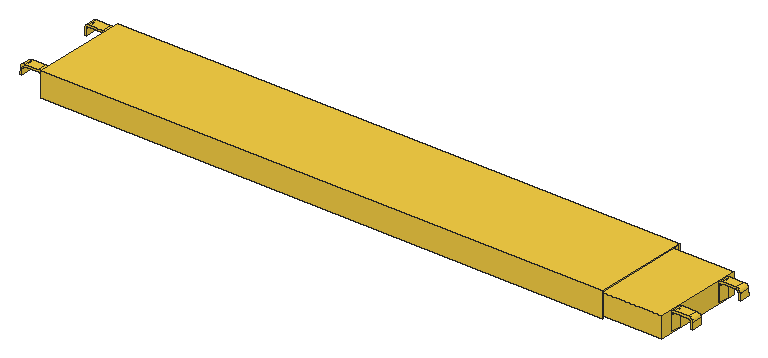
Revit family "EXTENDING PLATFORM 2-2,7_2067043", category Generic Models, Revit 2018
Family settings
  Can host rebar = No
  Round Connector Dimension = Use Diameter
  Part Type = Normal
  OmniClass Number = 35.51.17.00
  OmniClass Title = SCAFFOLDING SHORING AND FENCING
  Work Plane-Based = Yes
  Always vertical = No
  Cut with Voids When Loaded = No
  Shared = Yes
  Room Calculation Point = No
Parameters (values of type "EXTENDING PLATFORM 2-2,7_2067043")
  VERSION = "20190101"  # constant formula
  URL = "www.ulmaconstruction.com/en"
  UNICLASS = ""
  Model = ""
  MIN LENGTH = 2000.00 mm
  MAX LENGTH = 2700.00 mm
  LENGTH [instance] = 2000.00 mm
  ITEM_LENGTH [instance] = if(LENGTH < MIN LENGTH, MIN LENGTH, if(LENGTH < MAX LENGTH, LENGTH, MAX LENGTH))  # 2000.00 mm
  Manufacturer = "ULMA CONSTRUCTION"  # constant formula
  ITEM_CODE = "2067043"
  FILTER [instance] = ""
  Default Elevation = 0.00 mm
  CLASSIFICATION_TITLE = ""
  CLASSIFICATION_NUMBER = ""
Reference planes
  plane 1 "Centro (Frontal/Posterior)": y = 0
  plane 2: z = 0
  plane 3 "Centro (Izquierda/Derecha)": x = 0
  plane 4 "ITEM_LENGTH": x = 2000
  plane 5 "LENGTH": x = 2000
  plane 6 "SIDE": y = 300
  plane 7 "EXTERIOR PLATFORM START": x = 35.5
  plane 8 "EXTERIOR PLATFORM END": x = 1787.5
  plane 9 "INSIDE PLATFORM START": x = 1964.5
  plane 10 "INSIDE PLATFORM END": x = 610.5
  plane 11 "HOOK": x = 1964.5
  plane 12 "HOOK": x = 2961.25
Forms (mm)
  Extrusion 1, solid, material "ULMA YELLOW", detail levels medium+fine
    sketch origin (-3.25, 190, -17) x (1, 0, 0) y (0, 0, 1)
      loop
        line (32.75, 24) -> (32.75, -22) -> (38.75, -22) -> (38.75, 24)
        arc (38.75, 24) -> (34.649, 33.899) -> (24.75, 38) r 14
        line (24.75, 38) -> (-18.25, 38)
        arc (-18.25, 38) -> (-28.149, 33.899) -> (-32.25, 24) r 14
        line (-32.25, 24) -> (-32.25, 6) -> (-26.25, 6) -> (-26.25, 24)
        arc (-26.25, 24) -> (-23.907, 29.657) -> (-18.25, 32) r 8
        line (-18.25, 32) -> (24.75, 32)
        arc (24.75, 32) -> (30.407, 29.657) -> (32.75, 24) r 8
    from 150.529 to 180.529
  Extrusion 2, solid, material "ULMA YELLOW", detail levels medium+fine
    sketch origin (-3.25, 340, -17) x (1, 0, 0) y (0, 0, 1)
      loop
        line (32.75, 24) -> (32.75, -22) -> (38.75, -22) -> (38.75, 24)
        arc (38.75, 24) -> (34.649, 33.899) -> (24.75, 38) r 14
        line (24.75, 38) -> (-18.25, 38)
        arc (-18.25, 38) -> (-28.149, 33.899) -> (-32.25, 24) r 14
        line (-32.25, 24) -> (-32.25, 6) -> (-26.25, 6) -> (-26.25, 24)
        arc (-26.25, 24) -> (-23.907, 29.657) -> (-18.25, 32) r 8
        line (-18.25, 32) -> (24.75, 32)
        arc (24.75, 32) -> (30.407, 29.657) -> (32.75, 24) r 8
    from 50.029 to 80.029
  Extrusion 3, solid, material "ULMA YELLOW", detail levels medium+fine
    sketch origin (2003.25, 189.998, -17) x (-1, 0, 0) y (0, 0, -1)
      loop
        arc (32.75, -24) -> (30.407, -29.657) -> (24.75, -32) r 8
        line (24.75, -32) -> (-18.25, -32)
        arc (-18.25, -32) -> (-23.907, -29.657) -> (-26.25, -24) r 8
        line (-26.25, -24) -> (-26.25, -6) -> (-32.25, -6) -> (-32.25, -24)
        arc (-32.25, -24) -> (-28.149, -33.899) -> (-18.25, -38) r 14
        line (-18.25, -38) -> (24.75, -38)
        arc (24.75, -38) -> (34.649, -33.899) -> (38.75, -24) r 14
        line (38.75, -24) -> (38.75, 22) -> (32.75, 22) -> (32.75, -24)
    from 117.778 to 147.778
  Extrusion 4, solid, material "ULMA YELLOW", detail levels medium+fine
    sketch origin (2003.25, 339.998, -17) x (-1, 0, 0) y (0, 0, -1)
      loop
        arc (32.75, -24) -> (30.407, -29.657) -> (24.75, -32) r 8
        line (24.75, -32) -> (-18.25, -32)
        arc (-18.25, -32) -> (-23.907, -29.657) -> (-26.25, -24) r 8
        line (-26.25, -24) -> (-26.25, -6) -> (-32.25, -6) -> (-32.25, -24)
        arc (-32.25, -24) -> (-28.149, -33.899) -> (-18.25, -38) r 14
        line (-18.25, -38) -> (24.75, -38)
        arc (24.75, -38) -> (34.649, -33.899) -> (38.75, -24) r 14
        line (38.75, -24) -> (38.75, 22) -> (32.75, 22) -> (32.75, -24)
    from 82.778 to 112.778
  Extrusion 5, solid, material "ULMA YELLOW", not visible, detail levels medium+fine
    sketch origin (3000, 189.998, 0) x (-1, 0, 0) y (0, 0, -1)
      loop
        arc (32.75, -24) -> (30.407, -29.657) -> (24.75, -32) r 8
        line (24.75, -32) -> (-18.25, -32)
        arc (-18.25, -32) -> (-23.907, -29.657) -> (-26.25, -24) r 8
        line (-26.25, -24) -> (-26.25, -6) -> (-32.25, -6) -> (-32.25, -24)
        arc (-32.25, -24) -> (-28.149, -33.899) -> (-18.25, -38) r 14
        line (-18.25, -38) -> (24.75, -38)
        arc (24.75, -38) -> (34.649, -33.899) -> (38.75, -24) r 14
        line (38.75, -24) -> (38.75, 22) -> (32.75, 22) -> (32.75, -24)
    from 117.778 to 147.778
  Extrusion 6, solid, material "ULMA YELLOW", not visible, detail levels medium+fine
    sketch origin (3000, 339.998, 0) x (-1, 0, 0) y (0, 0, -1)
      loop
        arc (32.75, -24) -> (30.407, -29.657) -> (24.75, -32) r 8
        line (24.75, -32) -> (-18.25, -32)
        arc (-18.25, -32) -> (-23.907, -29.657) -> (-26.25, -24) r 8
        line (-26.25, -24) -> (-26.25, -6) -> (-32.25, -6) -> (-32.25, -24)
        arc (-32.25, -24) -> (-28.149, -33.899) -> (-18.25, -38) r 14
        line (-18.25, -38) -> (24.75, -38)
        arc (24.75, -38) -> (34.649, -33.899) -> (38.75, -24) r 14
        line (38.75, -24) -> (38.75, 22) -> (32.75, 22) -> (32.75, -24)
    from 82.778 to 112.778
  Extrusion 7, solid, material "ULMA YELLOW", not visible, detail levels medium+fine
    sketch origin (0, 190, 0) x (1, 0, 0) y (0, 0, 1)
      loop
        line (32.75, 24) -> (32.75, -22) -> (38.75, -22) -> (38.75, 24)
        arc (38.75, 24) -> (34.649, 33.899) -> (24.75, 38) r 14
        line (24.75, 38) -> (-18.25, 38)
        arc (-18.25, 38) -> (-28.149, 33.899) -> (-32.25, 24) r 14
        line (-32.25, 24) -> (-32.25, 6) -> (-26.25, 6) -> (-26.25, 24)
        arc (-26.25, 24) -> (-23.907, 29.657) -> (-18.25, 32) r 8
        line (-18.25, 32) -> (24.75, 32)
        arc (24.75, 32) -> (30.407, 29.657) -> (32.75, 24) r 8
    from 150.529 to 180.529
  Extrusion 8, solid, material "ULMA YELLOW", not visible, detail levels medium+fine
    sketch origin (0, 340, 0) x (1, 0, 0) y (0, 0, 1)
      loop
        line (32.75, 24) -> (32.75, -22) -> (38.75, -22) -> (38.75, 24)
        arc (38.75, 24) -> (34.649, 33.899) -> (24.75, 38) r 14
        line (24.75, 38) -> (-18.25, 38)
        arc (-18.25, 38) -> (-28.149, 33.899) -> (-32.25, 24) r 14
        line (-32.25, 24) -> (-32.25, 6) -> (-26.25, 6) -> (-26.25, 24)
        arc (-26.25, 24) -> (-23.907, 29.657) -> (-18.25, 32) r 8
        line (-18.25, 32) -> (24.75, 32)
        arc (24.75, 32) -> (30.407, 29.657) -> (32.75, 24) r 8
    from 50.029 to 80.029
  Extrusion 9, solid, material "ULMA YELLOW", detail levels medium+fine
    sketch origin (940, 150.002, 0) x (1, 0, 0) y (0, 1, 0)
      loop
        line (-329.5, 139.998) -> (-329.5, -140.002) -> (1024.5, -140.002) -> (1024.5, 139.998) -> (-329.5, 139.998)
    from -47.5 to 16.5
  Extrusion 10, solid, material "ULMA YELLOW", detail levels medium+fine
    sketch origin (0, 0, 0) x (0, 1, 0) y (0, 0, 1)
      loop
        line (0, -49.499) -> (2, -49.499) -> (2, 25.5) -> (298, 25.5) -> (298, -49.499) -> (300, -49.499) -> (300, 27.5) -> (0, 27.5) -> (0, -49.499)
    from 35.5 to 1787.5
Lines and regions (mm)
  model lines, style "ULMA WORKING PLATFORMS", detail levels coarse
    curve 1: line (0, 0, 0) -> (2000, 0, 0)
    curve 2: line (0, 300, 0) -> (0, 0, 0)
    curve 3: line (2000, 300, 0) -> (0, 300, 0)
    curve 4: line (2000, 0, 0) -> (2000, 300, 0)
Dimensions and locks
  "ITEM_LENGTH": plane 3 "Centro (Izquierda/Derecha)" to plane 4 "ITEM_LENGTH"
  "LENGTH": plane 3 "Centro (Izquierda/Derecha)" to plane 5 "LENGTH"
  locked: plane 6 "SIDE" to plane 1 "Centro (Frontal/Posterior)" at 300
  locked: plane 3 "Centro (Izquierda/Derecha)" to plane 7 "EXTERIOR PLATFORM START" at 35.5
  locked: plane 7 "EXTERIOR PLATFORM START" to plane 8 "EXTERIOR PLATFORM END" at 1752
  locked: plane 9 "INSIDE PLATFORM START" to plane 4 "ITEM_LENGTH" at 35.5
  locked: plane 10 "INSIDE PLATFORM END" to plane 9 "INSIDE PLATFORM START" at 1354
  aligned and locked: level to plane 2
  aligned and locked: Extrusion 3 to Extrusion 1
  aligned and locked: plane 1 "Centro (Frontal/Posterior)" to curve 1
  aligned and locked: curve 2 to plane 3 "Centro (Izquierda/Derecha)"
  aligned and locked: plane 6 "SIDE" to curve 3
  aligned and locked: plane 4 "ITEM_LENGTH" to curve 4
  aligned and locked: plane 9 "INSIDE PLATFORM START" to Extrusion 9
  aligned and locked: Extrusion 9 to plane 10 "INSIDE PLATFORM END"
  aligned and locked: plane 9 "INSIDE PLATFORM START" to plane 11 "HOOK"
  aligned and locked: Extrusion 10 to Extrusion 1
  aligned and locked: plane 8 "EXTERIOR PLATFORM END" to Extrusion 10
Automatic sketch dimensions
  Extrusion 9 sketch curve to plane 1 "Centro (Frontal/Posterior)" = 10.00 mm
  Extrusion 9 sketch curve to plane 8 "EXTERIOR PLATFORM END" = 1177.00 mm
  Extrusion 9 sketch curve to plane 4 "ITEM_LENGTH" = 35.50 mm
  Extrusion 9 sketch curve to plane 6 "SIDE" = 10.00 mm
  Extrusion 10 sketch curve to plane 1 "Centro (Frontal/Posterior)" = 0.00 mm
  Extrusion 10 sketch curve to plane 6 "SIDE" = 0.00 mm
  Extrusion 10 sketch curve to plane 1 "Centro (Frontal/Posterior)" = 2.00 mm
  Extrusion 10 sketch curve to plane 6 "SIDE" = 2.00 mm
  Extrusion 10 sketch curve to level = 49.499 mm  (x2)
  level to Extrusion 10 sketch curve = 25.50 mm
  Extrusion 10 sketch curve to Extrusion 10 sketch curve = 2.00 mm
